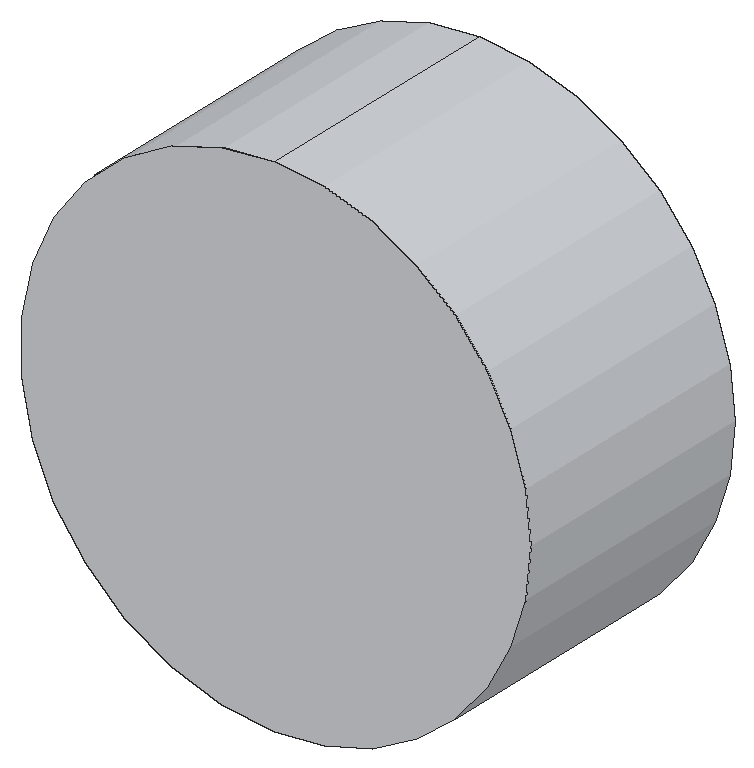
Revit family "VTSPEEDW", category Mechanical Equipment, Revit 2024
Family settings
  Round Connector Dimension = Use Diameter
  Classification = None
  Part Type = Normal
  OmniClass Number = 23.75.70.00
  OmniClass Title = HVAC Distribution Devices
  Work Plane-Based = No
  Always vertical = Yes
  Cut with Voids When Loaded = No
  Maintain Annotation Orientation = No
  Shared = No
  Room Calculation Point = No
Parameters (values of type "Standard")
  Sending System = "PRO/ENGINEER BY PARAMETRIC TECHNOLOGY CORPORATION, 2023424"
  Product Id = "PRO/ENGINEER BY PARAMETRIC TECHNOLOGY CORPORATION, 2023424"
  Part Number = "VTSPEEDW"
  Model = "VTSPEEDW"
  Minor Version = 0
  Manufacturer = "Broan Nutone Venmar"
  Major Version = 5
  Format Version = 0
  Designer = "IM"
  Design State = 1
  Description = "VTSPEEDW"
  Default Elevation = 0' - 0"
  Creation Date = "2025-01-22"
  Author = "IM"
Reference planes (in)
  plane 1 "Center (Front/Back)": y = 0
  plane 2: z = 0
  plane 3 "Center (Left/Right)": x = 0
Forms (in)
  Extrusion 1, solid
    sketch origin (1.375, 0, -2.25) x (0, 0, -1) y (1, 0, 0)
      loop
        circle (0, 0) r 0.12
    from 0 to -0.12
Dimensions and locks (in)
  aligned and locked: plane 2 to level
Connectors (in)
  electrical at (1.375, 0, -2.25)
    settings: on Extrusion 1, index 1, voltage 0 V, apparent load 0 VA, apparent load phase1 0 VA, apparent load phase2 0 VA, apparent load phase3 0 VA, power factor 1, load classification "Other", number of poles 1, system type 13, power factor state 1, is connector primary yes, connector utility no, sub classification motor no, connector description ""
